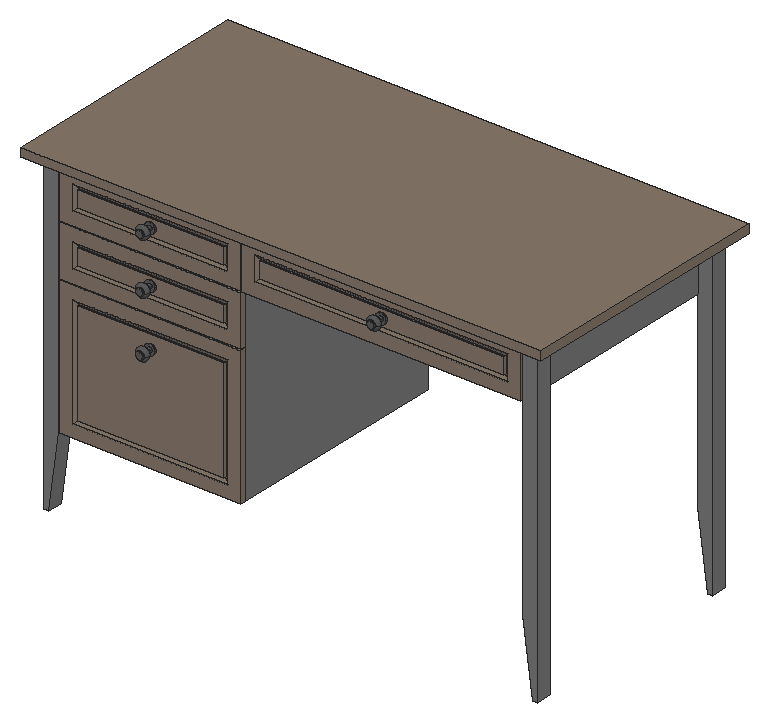
Revit family "Desk tms", category Furniture, Revit 2012
Parameters (values of type "120 x 60 cm")
  Tabletop thickness = 2 cm
  Tabletop overhang = 3 cm
  Tabletop = Wood - Vintage 2
  Length = 120 cm
  Sides = Plastic - Slate Gray
  Leg foot = Leg Width / 3  # 1.1667 cm
  Leg Width = 3.5 cm
  Joints = 0.3 cm
  Height = 75 cm
  Handles = Metal - Cast Iron Black
  Drawers = Wood - Vintage 2
  Drawer Top = 12 cm
  Drawer Middle = Drawer Top  # 12 cm
  Drawer Panel Thickness = 1.2 cm
  Drawer Panel Frame Width = 3 cm
  Drawer Panel Frame Bevel = 1 cm
  Drawer Bottom = 32 cm
  Depth = 60 cm
  Cabinet Width = 42 cm
  Cabinet Depth [instance] = 54 cm
  Base [instance] = 17 cm
Types (2, lengths in cm): name | Length | Depth | Cabinet Depth
  120 x 60 cm | 120 | 60 | 54
  150 x 70 cm | 150 | 70 | 64
Reference planes (cm)
  plane 1 "Center (Front/Back)": y = 0
  plane 2: z = 0
  plane 3 "Center (Left/Right)": x = 0
  plane 4: x = -60
  plane 5: y = 30
  plane 6: x = 60
  plane 7: y = -30
  plane 8: z = 75
  plane 9: z = 73
  plane 10: z = 61
  plane 11: z = 49
  plane 12: z = 17
  plane 13: x = -57
  plane 14: x = 57
  plane 15: x = -53.5
  plane 16: x = 53.5
  plane 17: x = -11.5
  plane 18: y = 27
  plane 19: y = -27
  plane 20: y = -23.5
  plane 21: y = 23.5
  plane 22 "drawer back": y = -25.8
Forms (cm)
  Extrusion 1, solid, material "Wood - Vintage 2" <- "Tabletop"
    sketch origin (0, 0, 0) x (1, 0, 0) y (0, 1, 0)
      loop
        line (-60, 30) -> (-60, -30) -> (60, -30) -> (60, 30) -> (-60, 30)
    from 73 to 75
  Extrusion 2, solid, material "Plastic - Slate Gray" <- "Sides"
    sketch origin (0, 0, 0) x (1, 0, 0) y (0, 0, 1)
      loop
        line (-57, 73) -> (-57, 0) -> (-55.8333, 0) -> (-53.5, 17) -> (-53.5, 73) -> (-57, 73)
    from 23.5 to 27
  Extrusion 3, solid, material "Plastic - Slate Gray" <- "Sides"
    sketch origin (0, 0, 0) x (1, 0, 0) y (0, 0, 1)
      loop
        line (-57, 73) -> (-57, 0) -> (-55.8333, 0) -> (-53.5, 17) -> (-53.5, 73) -> (-57, 73)
    from -27 to -23.5
  Extrusion 4, solid, material "Plastic - Slate Gray" <- "Sides"
    sketch origin (0, 0, 0) x (-1, 0, 0) y (0, 0, -1)
      loop
        line (-57, -73) -> (-53.5, -73) -> (-53.5, -17) -> (-55.8333, 0) -> (-57, 0) -> (-57, -73)
    from 23.5 to 27
  Extrusion 5, solid, material "Plastic - Slate Gray" <- "Sides"
    sketch origin (0, 0, 0) x (-1, 0, 0) y (0, 0, 1)
      loop
        line (-57, 73) -> (-57, 0) -> (-55.8333, 0) -> (-53.5, 17) -> (-53.5, 73) -> (-57, 73)
    from 23.5 to 27
  Extrusion 6, solid, material "Plastic - Slate Gray" <- "Sides"
    sketch origin (0, 0, 0) x (1, 0, 0) y (0, 1, 0)
      loop
        line (-53.5, 27) -> (-53.5, -25.5) -> (-11.5, -25.5) -> (-11.5, 27) -> (-53.5, 27)
    from 17 to 73
  Sweep 7, solid, material "Wood - Vintage 2" <- "Drawers"
    path origin (0, -25.8, 0) x (-1, 0, 0) y (0, 0, 1)
      loop
        line (11.5, 48.7) -> (11.5, 17) -> (53.2, 17) -> (53.2, 48.7) -> (11.5, 48.7)
    profile origin (-11.5, -25.8, 32.85) x (0, 1, 0) y (-1, 0, 0)
      loop
        line (0, 0) -> (0, 4) -> (-0.6603, 4) -> (-1.2, 3) -> (-1.2, 0) -> (0, 0)
  Extrusion 8, solid, material "Wood - Vintage 2" <- "Drawers"
    sketch origin (0, -25.8, 0) x (-1, 0, 0) y (0, 0, 1)
      loop
        line (49.2, 44.7) -> (15.5, 44.7) -> (15.5, 21) -> (49.2, 21) -> (49.2, 44.7)
    from -1.2 to 0
  Sweep 9, solid, material "Wood - Vintage 2" <- "Drawers"
    path origin (0, -25.8, 0) x (-1, 0, 0) y (0, 0, 1)
      loop
        line (11.5, 60.7) -> (11.5, 49) -> (53.2, 49) -> (53.2, 60.7) -> (11.5, 60.7)
    profile origin (-11.5, -25.8, 54.85) x (0, 1, 0) y (-1, 0, 0)
      loop
        line (0, 0) -> (0, 4) -> (-0.6603, 4) -> (-1.2, 3) -> (-1.2, 0) -> (0, 0)
  Extrusion 10, solid, material "Wood - Vintage 2" <- "Drawers"
    sketch origin (0, -25.8, 0) x (-1, 0, 0) y (0, 0, 1)
      loop
        line (49.2, 56.7) -> (15.5, 56.7) -> (15.5, 53) -> (49.2, 53) -> (49.2, 56.7)
    from -1.2 to 0
  Sweep 11, solid, material "Wood - Vintage 2" <- "Drawers"
    path origin (0, -25.8, 12) x (-1, 0, 0) y (0, 0, 1)
      loop
        line (11.5, 60.7) -> (11.5, 49) -> (53.2, 49) -> (53.2, 60.7) -> (11.5, 60.7)
    profile origin (-11.5, -25.8, 66.85) x (0, 1, 0) y (-1, 0, 0)
      loop
        line (0, 0) -> (0, 4) -> (-0.6603, 4) -> (-1.2, 3) -> (-1.2, 0) -> (0, 0)
  Extrusion 12, solid, material "Wood - Vintage 2" <- "Drawers"
    sketch origin (0, -25.8, 12) x (-1, 0, 0) y (0, 0, 1)
      loop
        line (49.2, 56.7) -> (15.5, 56.7) -> (15.5, 53) -> (49.2, 53) -> (49.2, 56.7)
    from -1.2 to 0
  Sweep 13, solid, material "Wood - Vintage 2" <- "Drawers"
    path origin (56, -25.8, 12) x (-1, 0, 0) y (0, 0, 1)
      loop
        line (2.8, 60.7) -> (2.8, 49) -> (67.2, 49) -> (67.2, 60.7) -> (2.8, 60.7)
    profile origin (53.2, -25.8, 66.85) x (0, 1, 0) y (-1, 0, 0)
      loop
        line (0, 0) -> (0, 4) -> (-0.6603, 4) -> (-1.2, 3) -> (-1.2, 0) -> (0, 0)
  Extrusion 14, solid, material "Wood - Vintage 2" <- "Drawers"
    sketch origin (56, -25.8, 12) x (-1, 0, 0) y (0, 0, 1)
      loop
        line (63.2, 56.7) -> (6.8, 56.7) -> (6.8, 53) -> (63.2, 53) -> (63.2, 56.7)
    from -1.2 to 0
  Extrusion 15, solid, material "Plastic - Slate Gray" <- "Sides"
    sketch origin (0, 0, 0) x (1, 0, 0) y (0, 1, 0)
      loop
        line (-11.5, 27) -> (-11.5, -25.5) -> (53.5, -25.5) -> (53.5, 27) -> (-11.5, 27)
    from 61 to 73
Lines and regions (cm)
  Masking region 1
    outline origin (0, 0, 0) x (1, 0, 0) y (0, 1, 0)
      loop
        line (-60, 30) -> (-60, -30) -> (60, -30) -> (60, 30) -> (-60, 30)
Dimensions and locks (cm)
  equal spacing: plane 7, plane 1 "Center (Front/Back)", plane 5
  "Depth": plane 7 to plane 5
  equal spacing: plane 4, plane 3 "Center (Left/Right)", plane 6
  "Length": plane 4 to plane 6
  "Height": plane 8 to level
  "Tabletop thickness": plane 8 to plane 9
  "Drawer Top": plane 9 to plane 10
  "Drawer Middle": plane 10 to plane 11
  "Drawer Bottom": plane 11 to plane 12
  "Tabletop overhang": plane 13 to plane 4
  "Tabletop overhang": plane 14 to plane 6
  "Leg Width": plane 15 to plane 13
  "Leg Width": plane 16 to plane 14
  "Cabinet Width": plane 17 to plane 15
  "Tabletop overhang": plane 5 to plane 18
  "Tabletop overhang": plane 19 to plane 7
  "Cabinet Depth": plane 18 to plane 19
  "Base": plane 12 to plane 2
  "Leg Width": plane 20 to plane 19
  "Leg Width": plane 18 to plane 21
  "Drawer Panel Thickness": plane 19 to plane 22 "drawer back"
  "Joints": Extrusion 6 sketch curve to plane 22 "drawer back"
  "Joints": plane 11 to Sweep 7 sketch curve
  "Joints": Sweep 7 sketch curve to plane 15
  "Drawer Panel Frame Bevel": Sweep 7 sketch curve to Sweep 7 sketch curve
  "Drawer Panel Frame Width": Sweep 7 sketch curve to Sweep 7 sketch curve
  "Joints": Sweep 9 sketch curve to plane 15
  "Joints": plane 10 to Sweep 9 sketch curve
  "Drawer Panel Frame Width": Sweep 9 sketch curve to profile plane
  "Drawer Panel Frame Bevel": Sweep 9 sketch curve to Sweep 9 sketch curve
  "Drawer Panel Frame Width": Sweep 11 sketch curve to profile plane
  "Drawer Panel Frame Bevel": Sweep 11 sketch curve to Sweep 11 sketch curve
  "Joints": plane 9 to Sweep 11 sketch curve
  "Joints": Sweep 11 sketch curve to plane 15
  "Leg foot": Extrusion 2 sketch curve to plane 13
  "Leg foot": Extrusion 4 sketch curve to plane 14
  "Leg foot": Extrusion 3 sketch curve to plane 13
  "Leg foot": Extrusion 5 sketch curve to plane 14
  "Drawer Panel Frame Width": Sweep 13 sketch curve to profile plane
  "Drawer Panel Frame Bevel": Sweep 13 sketch curve to Sweep 13 sketch curve
  "Joints": Sweep 13 sketch curve to plane 17
  "Joints": Sweep 13 sketch curve to plane 16
  "Joints": plane 9 to Sweep 13 sketch curve
  "Joints": Extrusion 15 sketch curve to plane 22 "drawer back"
  equal spacing: Sweep 9, nested 2, plane 11
  locked: Extrusion 8 to nested 3 at 3
  equal spacing: Sweep 13, nested 4, plane 10
  equal spacing: Sweep 13, nested 4, Sweep 13
  equal spacing: Sweep 11, nested 1, plane 17
  aligned and locked: level to plane 2
  aligned and locked: Extrusion 1 sketch curve to plane 5
  aligned and locked: plane 4 to Extrusion 1 sketch curve
  aligned and locked: Extrusion 1 sketch curve to plane 7
  aligned and locked: plane 6 to Extrusion 1 sketch curve
  aligned and locked: plane 8 to Extrusion 1
  aligned and locked: Extrusion 1 to plane 9
  aligned and locked: Extrusion 2 sketch curve to plane 13
  aligned and locked: plane 15 to Extrusion 2 sketch curve
  aligned and locked: plane 9 to Extrusion 2 sketch curve
  aligned and locked: Extrusion 2 sketch curve to level
  aligned and locked: plane 12 to Extrusion 2 sketch curve
  aligned and locked: plane 19 to Extrusion 2
  aligned and locked: Extrusion 2 to plane 20
  aligned and locked: Extrusion 3 to plane 18
  aligned and locked: Extrusion 3 to plane 21
  aligned and locked: plane 9 to Extrusion 3 sketch curve
  aligned and locked: Extrusion 3 sketch curve to plane 13
  aligned and locked: plane 15 to Extrusion 3 sketch curve
  aligned and locked: plane 12 to Extrusion 3 sketch curve
  aligned and locked: Extrusion 3 sketch curve to level
  aligned and locked: Extrusion 4 sketch curve to plane 16
  aligned and locked: plane 14 to Extrusion 4 sketch curve
  aligned and locked: level to Extrusion 4 sketch curve
  aligned and locked: plane 12 to Extrusion 4 sketch curve
  aligned and locked: Extrusion 4 sketch curve to plane 9
  aligned and locked: Extrusion 5 to plane 18
  aligned and locked: Extrusion 5 to plane 21
  aligned and locked: Extrusion 5 sketch curve to plane 16
  aligned and locked: plane 14 to Extrusion 5 sketch curve
  aligned and locked: Extrusion 5 sketch curve to plane 9
  aligned and locked: level to Extrusion 5 sketch curve
  aligned and locked: plane 12 to Extrusion 5 sketch curve
  aligned and locked: Extrusion 3 to Extrusion 6 sketch curve
  aligned and locked: Extrusion 6 sketch curve to Extrusion 3
  aligned and locked: Extrusion 6 sketch curve to plane 17
  aligned and locked: Extrusion 6 to plane 12
  aligned and locked: plane 9 to Extrusion 6
  aligned and locked: Sweep 7 sketch curve to plane 17
  aligned and locked: Sweep 7 sketch curve to plane 12
  aligned and locked: Sweep 7 sketch curve to profile plane  (x2)
  aligned and locked: Sweep 7 sketch curve to plane 19
  aligned and locked: Sweep 7 to Extrusion 8 sketch curve  (x3)
  aligned and locked: Extrusion 8 sketch curve to Sweep 7
  aligned and locked: plane 19 to Extrusion 8
  aligned and locked: plane 22 "drawer back" to Extrusion 8
  aligned and locked: Sweep 9 sketch curve to plane 17
  aligned and locked: Sweep 9 sketch curve to plane 11
  aligned and locked: profile plane to Sweep 9 sketch curve  (x2)
  aligned and locked: Sweep 9 to Extrusion 10 sketch curve  (x2)
  aligned and locked: Extrusion 10 sketch curve to Sweep 9  (x2)
  aligned and locked: profile plane to Sweep 11 sketch curve  (x2)
  aligned and locked: Sweep 11 to Extrusion 12 sketch curve  (x2)
  aligned and locked: Extrusion 12 sketch curve to Sweep 11  (x2)
  aligned and locked: Sweep 11 sketch curve to plane 17
  aligned and locked: Sweep 11 sketch curve to plane 10
  aligned and locked: plane 22 "drawer back" to Extrusion 12
  aligned and locked: plane 19 to Extrusion 12
  aligned and locked: plane 22 "drawer back" to Extrusion 10
  aligned and locked: plane 19 to Extrusion 10
  aligned and locked: Extrusion 4 to plane 20
  aligned and locked: plane 19 to Extrusion 4
  aligned and locked: plane 21 to Extrusion 5
  aligned and locked: plane 18 to Extrusion 5
  aligned and locked: plane 21 to Extrusion 3
  aligned and locked: plane 18 to Extrusion 3
  aligned and locked: Extrusion 2 to plane 19
  aligned and locked: plane 20 to Extrusion 2
  aligned and locked: profile plane to Sweep 13 sketch curve  (x2)
  aligned and locked: Sweep 13 to Extrusion 14 sketch curve  (x2)
  aligned and locked: Extrusion 14 sketch curve to Sweep 13  (x2)
  aligned and locked: Sweep 13 sketch curve to plane 10
  aligned and locked: plane 19 to Extrusion 14
  aligned and locked: Extrusion 14 to plane 22 "drawer back"
  aligned and locked: plane 18 to Extrusion 15 sketch curve
  aligned and locked: plane 16 to Extrusion 15 sketch curve
  aligned and locked: plane 17 to Extrusion 15 sketch curve
  aligned and locked: plane 9 to Extrusion 15
  aligned and locked: Extrusion 15 to plane 10
  aligned and locked: nested 2 to nested 1
  aligned and locked: nested 3 to nested 1
  aligned and locked: nested 4 to nested 1
  aligned and locked: plane 19 to nested 1
  aligned and locked: plane 19 to nested 2
  aligned and locked: plane 19 to nested 3
  aligned and locked: plane 19 to nested 4
  aligned and locked: plane 4 to Masking region 1 sketch curve
  aligned and locked: Masking region 1 sketch curve to plane 7
  aligned and locked: plane 6 to Masking region 1 sketch curve
  aligned and locked: Masking region 1 sketch curve to plane 5
Automatic sketch dimensions
  Sweep 7 sketch curve to Sweep 7 sketch curve = 0.6603 cm
  Sweep 9 sketch curve to Sweep 9 sketch curve = 0.6603 cm
  Sweep 9 sketch curve to Sweep 9 sketch curve = 0.5397 cm
  Sweep 11 sketch curve to Sweep 11 sketch curve = 0.6603 cm
  Sweep 11 sketch curve to Sweep 11 sketch curve = 0.5397 cm
  Sweep 13 sketch curve to Sweep 13 sketch curve = 0.6603 cm
  Sweep 13 sketch curve to Sweep 13 sketch curve = 0.5397 cm
Nested families (cm)
  nested 1: "Handle_Ikea-Fintorp-Ball" at (-36.82, -27, 65.4), type "Handle_Ikea-Fintorp-Ball", detail levels medium+fine
  nested 2: "Handle_Ikea-Fintorp-Ball" at (-36.82, -27, 53.4), type "Handle_Ikea-Fintorp-Ball", detail levels medium+fine
  nested 3: "Handle_Ikea-Fintorp-Ball" at (-36.82, -27, 40.25), type "Handle_Ikea-Fintorp-Ball", detail levels medium+fine
  nested 4: "Handle_Ikea-Fintorp-Ball" at (16.53, -27, 65.4), type "Handle_Ikea-Fintorp-Ball", detail levels medium+fine
Definition of nested family "Handle_Ikea-Fintorp-Ball"
  Parameters (values of type "Handle_Ikea-Fintorp-Ball")
    handle = none
    Depth = 3.2 cm
    Height = 2.9 cm
    Width = 2.9 cm
  Reference planes (cm)
    plane 1 "Back": y = 0
    plane 2: z = 0
    plane 3 "Center (Left/Right)": x = 4.47
    plane 4 "Front": y = -3.2
    plane 5 "Left": x = 3.02
    plane 6 "Right": x = 5.92
    plane 7 "Top": z = 2.9
    plane 8 "CL horiz": z = 1.45
  Forms (cm)
    Extrusion 1, solid, material <- "handle"
      sketch origin (1.4206, -3.0494, 0) x (-1, 0, 0) y (0, 0, 1)
        loop
          circle (-3.0494, 1.45) r 0.8
      from -0.1506 to 1.7038
    Sweep 2, solid, material <- "handle"
      path origin (1.4206, -3.2, 0) x (-1, 0, 0) y (0, 0, 1)
        loop
          circle (-3.0494, 1.45) r 0.8
      profile origin (4.47, -3.2, 2.25) x (0, 0, -1) y (0, 1, 0)
        loop
          arc (-0.0995, 0.2785) -> (-0.0271, 0.2173) -> (0, 0.1264) r 0.166
          line (0, 0.1264) -> (0, 1.7153)
          arc (0, 1.7153) -> (-0.0271, 1.6244) -> (-0.0995, 1.5632) r 0.166
          arc (-0.0995, 1.5632) -> (-0.65, 0.9209) -> (-0.0995, 0.2785) r 0.65
    Extrusion 3, solid, material <- "handle"
      sketch origin (0.5575, -3.2, 0) x (1, 0, 0) y (0, 0, 1)
        loop
          circle (3.9126, 1.45) r 1.2
      from -3.2 to -3
    Extrusion 4, solid, material <- "handle"
      sketch origin (0.5575, -3.2, 0) x (1, 0, 0) y (0, 0, 1)
        loop
          circle (3.9126, 1.45) r 0.4447
      from -3 to -1.8544
  Dimensions and locks (cm)
    "Width": plane 6 "Right" to plane 5 "Left"
    equal spacing: plane 6 "Right", plane 3 "Center (Left/Right)", plane 5 "Left"
    "Depth": plane 4 "Front" to plane 1 "Back"
    "Height": level to plane 7 "Top"
    equal spacing: plane 7 "Top", plane 8 "CL horiz", level
    aligned and locked: level to plane 2
    aligned and locked: Sweep 2 sketch curve to Extrusion 1  (x2)
    aligned and locked: Extrusion 3 to plane 1 "Back"
    aligned and locked: Extrusion 4 to Extrusion 3
    aligned and locked: plane 4 "Front" to Extrusion 1
    aligned and locked: Extrusion 4 to Extrusion 1
  Automatic sketch dimensions
    Extrusion 1 sketch curve to plane 3 "Center (Left/Right)" = 0 cm
    Extrusion 1 sketch curve to plane 8 "CL horiz" = 0 cm
    Sweep 2 sketch curve to profile plane = 0 cm  (x4)
    profile plane to Sweep 2 sketch curve = 0.0995 cm  (x2)
    Sweep 2 sketch curve to Sweep 2 sketch curve = 0.166 cm
    profile plane to Sweep 2 sketch curve = 0.166 cm
    profile plane to Sweep 2 sketch curve = 0.1264 cm
    Sweep 2 sketch curve to Sweep 2 sketch curve = 0 cm  (x2)
    Sweep 2 sketch curve to Sweep 2 sketch curve = 0.6423 cm
    Extrusion 3 sketch curve to plane 8 "CL horiz" = 0 cm
    plane 5 "Left" to Extrusion 3 sketch curve = 1.45 cm
    Extrusion 4 sketch curve to plane 8 "CL horiz" = 0 cm
    plane 5 "Left" to Extrusion 4 sketch curve = 1.45 cm
    radius of Extrusion 1 sketch curve = 0.8 cm
    radius of Extrusion 3 sketch curve = 1.2 cm
    radius of Extrusion 4 sketch curve = 0.4447 cm
